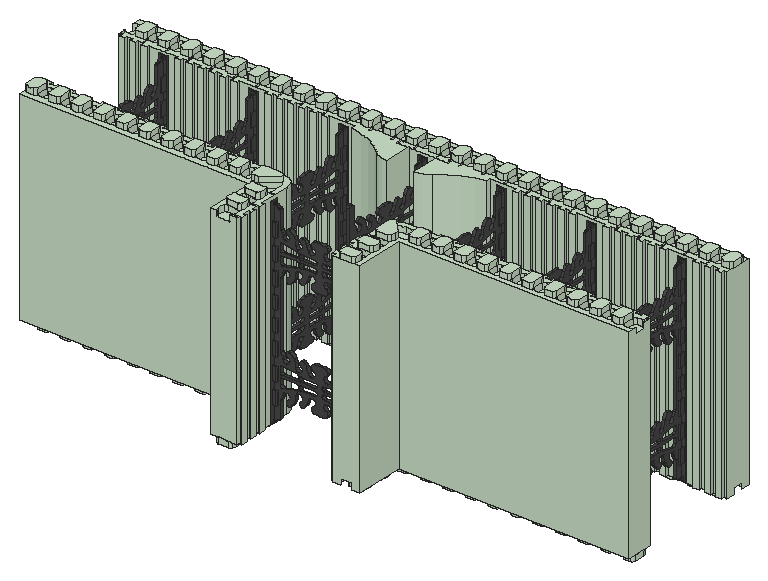
Revit family "ICF- NUDURA 8-inch- Short T Form Unit- Imperial", category Generic Models, Revit 2011
Reference planes (in)
  plane 1 "Center (Front/Back)": y = -1
  plane 2: z = 0
  plane 3 "Center (Left/Right)": x = 1
  plane 4: y = 3
  plane 5: y = -5
  plane 6: x = 5
  plane 7: x = -3
  plane 8: z = 18
Forms (in)
  Extrusion 1, solid, material "NUDURA Expanded Polystyrene Foam Insulation"
    sketch origin (0, 0, 0) x (1, 0, 0) y (0, 1, 0)
      loop
        arc (-3.25, -6.49998) -> (-3.61612, -5.6161) -> (-4.5, -5.24998) r 1.25
        line (-4.5, -5.24998) -> (-7.28117, -5.24998) -> (-7.21883, -4.99998) -> (-7.78117, -4.99998) -> (-7.71883, -5.24998) -> (-8.28117, -5.24998) -> (-8.21883, -4.99998) -> (-8.78117, -4.99998) -> (-8.71883, -5.24998) -> (-9.28117, -5.24998) -> (-9.21883, -4.99998) -> (-9.78117, -4.99998) -> (-9.71883, -5.24998) -> (-10.28117, -5.24998) -> (-10.21883, -4.99998) -> (-10.78117, -4.99998) -> (-10.71883, -5.24998) -> (-11.2818, -5.24998) -> (-11.21947, -4.99998) -> (-11.7818, -4.99998) -> (-11.71947, -5.24998) -> (-12.2818, -5.24998) -> (-12.21947, -4.99998) -> (-12.7818, -4.99998) -> (-12.71947, -5.24998) -> (-15.28116, -5.24998) -> (-15.21883, -4.99998) -> (-15.78116, -4.99998) -> (-15.71883, -5.24998) -> (-16.28116, -5.24998) -> (-16.21883, -4.99998) -> (-16.78116, -4.99998) -> (-16.71883, -5.24998) -> (-17.28116, -5.24998) -> (-17.21883, -4.99998) -> (-17.78116, -4.99998) -> (-17.71883, -5.24998) -> (-18.28179, -5.24998) -> (-18.21946, -4.99998) -> (-18.78179, -4.99998) -> (-18.71946, -5.24998) -> (-19.28179, -5.24998) -> (-19.21946, -4.99998) -> (-19.78179, -4.99998) -> (-19.71946, -5.24998) -> (-20.28179, -5.24998) -> (-20.21946, -4.99998) -> (-20.78179, -4.99998) -> (-20.71946, -5.24998) -> (-23.28115, -5.24998) -> (-23.21882, -4.99998) -> (-23.78115, -4.99998) -> (-23.71882, -5.24998) -> (-24.28115, -5.24998) -> (-24.21882, -4.99998) -> (-24.78115, -4.99998) -> (-24.71882, -5.24998) -> (-25.28115, -5.24998) -> (-25.21882, -4.99998) -> (-25.78115, -4.99998) -> (-25.71882, -5.24998) -> (-26, -5.24998) -> (-26, -7.62244) -> (-5.625, -7.62244) -> (-5.625, -11.99744) -> (-3.25, -11.99744) -> (-3.25, -11.71882) -> (-3, -11.78115) -> (-3, -11.21882) -> (-3.25, -11.28115) -> (-3.25, -10.71882) -> (-3, -10.78115) -> (-3, -10.21882) -> (-3.25, -10.28115) -> (-3.25, -9.71882) -> (-3, -9.78115) -> (-3, -9.21882) -> (-3.25, -9.28115) -> (-3.25, -6.49998)
      loop
        line (7, 2.875) -> (7, 3.25) -> (9.28117, 3.25) -> (9.21883, 3) -> (9.78117, 3) -> (9.71883, 3.25) -> (10.28117, 3.25) -> (10.21883, 3) -> (10.78117, 3) -> (10.71883, 3.25) -> (11.28117, 3.25) -> (11.21883, 3) -> (11.78117, 3) -> (11.71883, 3.25) -> (12.28053, 3.25) -> (12.2182, 3) -> (12.78053, 3) -> (12.7182, 3.25) -> (13.28053, 3.25) -> (13.2182, 3) -> (13.78053, 3) -> (13.7182, 3.25) -> (14.28053, 3.25) -> (14.2182, 3) -> (14.78053, 3) -> (14.7182, 3.25) -> (17.28116, 3.25) -> (17.21883, 3) -> (17.78116, 3) -> (17.71883, 3.25) -> (18.28116, 3.25) -> (18.21883, 3) -> (18.78116, 3) -> (18.71883, 3.25) -> (19.28116, 3.25) -> (19.21883, 3) -> (19.78116, 3) -> (19.71883, 3.25) -> (20.28053, 3.25) -> (20.21819, 3) -> (20.78053, 3) -> (20.71819, 3.25) -> (21.28053, 3.25) -> (21.21819, 3) -> (21.78053, 3) -> (21.71819, 3.25) -> (22.28053, 3.25) -> (22.21819, 3) -> (22.78053, 3) -> (22.71819, 3.25) -> (25.28115, 3.25) -> (25.21882, 3) -> (25.78115, 3) -> (25.71882, 3.25) -> (26.28115, 3.25) -> (26.21882, 3) -> (26.78115, 3) -> (26.71882, 3.25) -> (27.28115, 3.25) -> (27.21882, 3) -> (27.78115, 3) -> (27.71882, 3.25) -> (28, 3.25) -> (28, 5.62754) -> (3.25, 5.62754) -> (3.25, 5.17633) -> (3, 5.24332) -> (3, 4.63633) -> (3.25, 4.69867) -> (3.25, 4.17633) -> (3, 4.24332) -> (3, 3.63633) -> (3.25, 3.69867) -> (3.25, 3.25) -> (2.21883, 3.25) -> (2.21883, 0.75162)
        arc (2.21883, 0.75162) -> (2.91296, 0.90605) -> (3.50918, 1.29358) r 2
        arc (3.50918, 1.29358) -> (5.12304, 2.37468) -> (7, 2.875) r 5.91797
      loop
        line (-0.21883, 0.75162) -> (-0.21883, 3.25) -> (-1.25, 3.25) -> (-1.25, 3.69867) -> (-1, 3.63633) -> (-1, 4.24332) -> (-1.25, 4.17633) -> (-1.25, 4.69867) -> (-1, 4.63633) -> (-1, 5.24332) -> (-1.25, 5.17633) -> (-1.25, 5.62754) -> (-26, 5.62754) -> (-26, 3.25) -> (-25.71882, 3.25) -> (-25.78115, 3) -> (-25.21882, 3) -> (-25.28115, 3.25) -> (-24.71882, 3.25) -> (-24.78115, 3) -> (-24.21882, 3) -> (-24.28115, 3.25) -> (-23.71882, 3.25) -> (-23.78115, 3) -> (-23.21882, 3) -> (-23.28115, 3.25) -> (-20.71819, 3.25) -> (-20.78053, 3) -> (-20.21819, 3) -> (-20.28053, 3.25) -> (-19.71819, 3.25) -> (-19.78053, 3) -> (-19.21819, 3) -> (-19.28053, 3.25) -> (-18.71819, 3.25) -> (-18.78053, 3) -> (-18.21819, 3) -> (-18.28053, 3.25) -> (-17.71883, 3.25) -> (-17.78116, 3) -> (-17.21883, 3) -> (-17.28116, 3.25) -> (-16.71883, 3.25) -> (-16.78116, 3) -> (-16.21883, 3) -> (-16.28116, 3.25) -> (-15.71883, 3.25) -> (-15.78116, 3) -> (-15.21883, 3) -> (-15.28116, 3.25) -> (-12.7182, 3.25) -> (-12.78053, 3) -> (-12.2182, 3) -> (-12.28053, 3.25) -> (-11.7182, 3.25) -> (-11.78053, 3) -> (-11.2182, 3) -> (-11.28053, 3.25) -> (-10.7182, 3.25) -> (-10.78053, 3) -> (-10.2182, 3) -> (-10.28053, 3.25) -> (-9.71883, 3.25) -> (-9.78117, 3) -> (-9.21883, 3) -> (-9.28117, 3.25) -> (-8.71883, 3.25) -> (-8.78117, 3) -> (-8.21883, 3) -> (-8.28117, 3.25) -> (-7.71883, 3.25) -> (-7.78117, 3) -> (-7.21883, 3) -> (-7.28117, 3.25) -> (-5, 3.25) -> (-5, 2.875)
        arc (-5, 2.875) -> (-3.12304, 2.37468) -> (-1.50918, 1.29358) r 5.91797
        arc (-1.50918, 1.29358) -> (-0.91296, 0.90605) -> (-0.21883, 0.75162) r 2
      loop
        line (5.25, -6.49998) -> (5.25, -9.28115) -> (5, -9.21882) -> (5, -9.78115) -> (5.25, -9.71882) -> (5.25, -10.28115) -> (5, -10.21882) -> (5, -10.78115) -> (5.25, -10.71882) -> (5.25, -11.28115) -> (5, -11.21882) -> (5, -11.78115) -> (5.25, -11.71882) -> (5.25, -11.99998) -> (7.625, -11.99998) -> (7.625, -7.62244) -> (28, -7.62244) -> (28, -5.24998) -> (27.71882, -5.24998) -> (27.78115, -4.99998) -> (27.21882, -4.99998) -> (27.28115, -5.24998) -> (26.71882, -5.24998) -> (26.78115, -4.99998) -> (26.21882, -4.99998) -> (26.28115, -5.24998) -> (25.71882, -5.24998) -> (25.78115, -4.99998) -> (25.21882, -4.99998) -> (25.28115, -5.24998) -> (22.71946, -5.24998) -> (22.78179, -4.99998) -> (22.21946, -4.99998) -> (22.28179, -5.24998) -> (21.71946, -5.24998) -> (21.78179, -4.99998) -> (21.21946, -4.99998) -> (21.28179, -5.24998) -> (20.71946, -5.24998) -> (20.78179, -4.99998) -> (20.21946, -4.99998) -> (20.28179, -5.24998) -> (19.71883, -5.24998) -> (19.78116, -4.99998) -> (19.21883, -4.99998) -> (19.28116, -5.24998) -> (18.71883, -5.24998) -> (18.78116, -4.99998) -> (18.21883, -4.99998) -> (18.28116, -5.24998) -> (17.71883, -5.24998) -> (17.78116, -4.99998) -> (17.21883, -4.99998) -> (17.28116, -5.24998) -> (14.71947, -5.24998) -> (14.7818, -4.99998) -> (14.21947, -4.99998) -> (14.2818, -5.24998) -> (13.71947, -5.24998) -> (13.7818, -4.99998) -> (13.21947, -4.99998) -> (13.2818, -5.24998) -> (12.71947, -5.24998) -> (12.7818, -4.99998) -> (12.21947, -4.99998) -> (12.2818, -5.24998) -> (11.71883, -5.24998) -> (11.78117, -4.99998) -> (11.21883, -4.99998) -> (11.28117, -5.24998) -> (10.71883, -5.24998) -> (10.78117, -4.99998) -> (10.21883, -4.99998) -> (10.28117, -5.24998) -> (9.71883, -5.24998) -> (9.78117, -4.99998) -> (9.21883, -4.99998) -> (9.28117, -5.24998) -> (6.5, -5.24998)
        arc (6.5, -5.24998) -> (5.61612, -5.6161) -> (5.25, -6.49998) r 1.25
    from 0 to 18
  Extrusion 2, void
    sketch origin (0, 14, 0) x (1, 0, 0) y (0, 1, 0)
      loop
        arc (-5.13595, -25.17306) -> (-5.1875, -25.49998) -> (-5.13595, -25.8269) r 1.0625
        arc (-5.13595, -25.8269) -> (-5.0592, -25.94114) -> (-4.93362, -25.99744) r 0.25
        line (-4.93362, -25.99744) -> (-3.94138, -25.99744)
        arc (-3.94138, -25.99744) -> (-3.86932, -25.97564) -> (-3.80702, -25.93338) r 0.25
        arc (-3.80702, -25.93338) -> (-3.78736, -25.92104) -> (-3.76455, -25.91673) r 0.0625
        line (-3.76455, -25.91673) -> (-3.41845, -25.91673) -> (-3.41845, -25.7459) -> (-3.64005, -25.7459)
        arc (-3.64005, -25.7459) -> (-3.68771, -25.72383) -> (-3.70172, -25.67321) r 0.0625
        arc (-3.70172, -25.67321) -> (-3.69045, -25.4209) -> (-3.73905, -25.17306) r 1.0625
        arc (-3.73905, -25.17306) -> (-3.82983, -25.04783) -> (-3.97692, -24.99998) r 0.25
        line (-3.97692, -24.99998) -> (-4.89808, -24.99998)
        arc (-4.89808, -24.99998) -> (-5.04517, -25.04783) -> (-5.13595, -25.17306) r 0.25
    from 18 to 17.5
  Extrusion 3, void
    sketch origin (0, 16, 0) x (1, 0, 0) y (0, 1, 0)
      loop
        arc (-5.13595, -25.17306) -> (-5.1875, -25.49998) -> (-5.13595, -25.8269) r 1.0625
        arc (-5.13595, -25.8269) -> (-5.04517, -25.95213) -> (-4.89808, -25.99998) r 0.25
        line (-4.89808, -25.99998) -> (-3.97692, -25.99998)
        arc (-3.97692, -25.99998) -> (-3.88568, -25.98274) -> (-3.80702, -25.93338) r 0.25
        arc (-3.80702, -25.93338) -> (-3.78736, -25.92104) -> (-3.76455, -25.91673) r 0.0625
        line (-3.76455, -25.91673) -> (-3.41845, -25.91673) -> (-3.41845, -25.7459) -> (-3.64005, -25.7459)
        arc (-3.64005, -25.7459) -> (-3.68771, -25.72383) -> (-3.70172, -25.67321) r 0.0625
        arc (-3.70172, -25.67321) -> (-3.69045, -25.4209) -> (-3.73905, -25.17306) r 1.0625
        arc (-3.73905, -25.17306) -> (-3.82983, -25.04783) -> (-3.97692, -24.99998) r 0.25
        line (-3.97692, -24.99998) -> (-4.89808, -24.99998)
        arc (-4.89808, -24.99998) -> (-5.04517, -25.04783) -> (-5.13595, -25.17306) r 0.25
    from 18 to 17.5
  Extrusion 4, void
    sketch origin (0, -2, 0) x (1, 0, 0) y (0, 1, 0)
      loop
        line (-5.1875, -5.18748) -> (-5.1875, -5.49998)
        arc (-5.1875, -5.49998) -> (-5.17453, -5.66546) -> (-5.13595, -5.8269) r 1.0625
        arc (-5.13595, -5.8269) -> (-5.04517, -5.95213) -> (-4.89808, -5.99998) r 0.25
        line (-4.89808, -5.99998) -> (-3.97692, -5.99998)
        arc (-3.97692, -5.99998) -> (-3.88568, -5.98274) -> (-3.80702, -5.93338) r 0.25
        arc (-3.80702, -5.93338) -> (-3.78736, -5.92104) -> (-3.76455, -5.91673) r 0.0625
        line (-3.76455, -5.91673) -> (-3.41845, -5.91673) -> (-3.41845, -5.7459) -> (-3.64005, -5.7459)
        arc (-3.64005, -5.7459) -> (-3.68771, -5.72383) -> (-3.70172, -5.67321) r 0.0625
        arc (-3.70172, -5.67321) -> (-3.69106, -5.58689) -> (-3.6875, -5.49998) r 1.0625
        line (-3.6875, -5.49998) -> (-3.6875, -4.68748)
        arc (-3.6875, -4.68748) -> (-3.76362, -4.3048) -> (-3.98039, -3.98037) r 1
        line (-3.98039, -3.98037) -> (-5.1875, -5.18748)
    from 18 to 17.5
  Extrusion 5, void
    sketch origin (-31.99998, -1.99998, 0) x (0, 1, 0) y (-1, 0, 0)
      loop
        arc (-5.13595, -25.17306) -> (-5.1875, -25.49998) -> (-5.13595, -25.8269) r 1.0625
        arc (-5.13595, -25.8269) -> (-5.04517, -25.95213) -> (-4.89808, -25.99998) r 0.25
        line (-4.89808, -25.99998) -> (-3.97692, -25.99998)
        arc (-3.97692, -25.99998) -> (-3.88568, -25.98274) -> (-3.80702, -25.93338) r 0.25
        arc (-3.80702, -25.93338) -> (-3.78736, -25.92104) -> (-3.76455, -25.91673) r 0.0625
        line (-3.76455, -25.91673) -> (-3.41845, -25.91673) -> (-3.41845, -25.7459) -> (-3.64005, -25.7459)
        arc (-3.64005, -25.7459) -> (-3.68771, -25.72383) -> (-3.70172, -25.67321) r 0.0625
        arc (-3.70172, -25.67321) -> (-3.69045, -25.4209) -> (-3.73905, -25.17306) r 1.0625
        arc (-3.73905, -25.17306) -> (-3.82983, -25.04783) -> (-3.97692, -24.99998) r 0.25
        line (-3.97692, -24.99998) -> (-4.89808, -24.99998)
        arc (-4.89808, -24.99998) -> (-5.04517, -25.04783) -> (-5.13595, -25.17306) r 0.25
    from 18 to 17.5
  Extrusion 6, void
    sketch origin (-33.99998, -1.99998, 0) x (0, 1, 0) y (-1, 0, 0)
      loop
        arc (-5.13595, -25.17306) -> (-5.1875, -25.49998) -> (-5.13595, -25.8269) r 1.0625
        arc (-5.13595, -25.8269) -> (-5.04517, -25.95213) -> (-4.89808, -25.99998) r 0.25
        line (-4.89808, -25.99998) -> (-3.97692, -25.99998)
        arc (-3.97692, -25.99998) -> (-3.88568, -25.98274) -> (-3.80702, -25.93338) r 0.25
        arc (-3.80702, -25.93338) -> (-3.78736, -25.92104) -> (-3.76455, -25.91673) r 0.0625
        line (-3.76455, -25.91673) -> (-3.41845, -25.91673) -> (-3.41845, -25.7459) -> (-3.64005, -25.7459)
        arc (-3.64005, -25.7459) -> (-3.68771, -25.72383) -> (-3.70172, -25.67321) r 0.0625
        arc (-3.70172, -25.67321) -> (-3.69045, -25.4209) -> (-3.73905, -25.17306) r 1.0625
        arc (-3.73905, -25.17306) -> (-3.82983, -25.04783) -> (-3.97692, -24.99998) r 0.25
        line (-3.97692, -24.99998) -> (-4.89808, -24.99998)
        arc (-4.89808, -24.99998) -> (-5.04517, -25.04783) -> (-5.13595, -25.17306) r 0.25
    from 18 to 17.5
  Extrusion 7, void
    sketch origin (0, -35.99996, 0) x (1, 0, 0) y (0, 1, 0)
      loop
        arc (-5.13595, 25.17306) -> (-5.04517, 25.04783) -> (-4.89808, 24.99998) r 0.25
        line (-4.89808, 24.99998) -> (-3.97692, 24.99998)
        arc (-3.97692, 24.99998) -> (-3.82983, 25.04783) -> (-3.73905, 25.17306) r 0.25
        arc (-3.73905, 25.17306) -> (-3.69045, 25.4209) -> (-3.70172, 25.67321) r 1.0625
        arc (-3.70172, 25.67321) -> (-3.68771, 25.72383) -> (-3.64005, 25.7459) r 0.0625
        line (-3.64005, 25.7459) -> (-3.41845, 25.7459) -> (-3.41845, 25.91673) -> (-3.76455, 25.91673)
        arc (-3.76455, 25.91673) -> (-3.78736, 25.92104) -> (-3.80702, 25.93338) r 0.0625
        arc (-3.80702, 25.93338) -> (-3.88568, 25.98274) -> (-3.97692, 25.99998) r 0.25
        line (-3.97692, 25.99998) -> (-4.89808, 25.99998)
        arc (-4.89808, 25.99998) -> (-5.04517, 25.95213) -> (-5.13595, 25.8269) r 0.25
        arc (-5.13595, 25.8269) -> (-5.1875, 25.49998) -> (-5.13595, 25.17306) r 1.0625
    from 0 to 0.5
  Extrusion 8, void
    sketch origin (0, -33.99996, 0) x (1, 0, 0) y (0, 1, 0)
      loop
        arc (-5.13595, 25.17306) -> (-5.04517, 25.04783) -> (-4.89808, 24.99998) r 0.25
        line (-4.89808, 24.99998) -> (-3.97692, 24.99998)
        arc (-3.97692, 24.99998) -> (-3.82983, 25.04783) -> (-3.73905, 25.17306) r 0.25
        arc (-3.73905, 25.17306) -> (-3.69045, 25.4209) -> (-3.70172, 25.67321) r 1.0625
        arc (-3.70172, 25.67321) -> (-3.68771, 25.72383) -> (-3.64005, 25.7459) r 0.0625
        line (-3.64005, 25.7459) -> (-3.41845, 25.7459) -> (-3.41845, 25.91673) -> (-3.76455, 25.91673)
        arc (-3.76455, 25.91673) -> (-3.78736, 25.92104) -> (-3.80702, 25.93338) r 0.0625
        arc (-3.80702, 25.93338) -> (-3.88568, 25.98274) -> (-3.97692, 25.99998) r 0.25
        line (-3.97692, 25.99998) -> (-4.89808, 25.99998)
        arc (-4.89808, 25.99998) -> (-5.04517, 25.95213) -> (-5.13595, 25.8269) r 0.25
        arc (-5.13595, 25.8269) -> (-5.1875, 25.49998) -> (-5.13595, 25.17306) r 1.0625
    from 0 to 0.5
  Extrusion 9, void
    sketch origin (-0.00002, -1.99998, 0) x (0, 1, 0) y (-1, 0, 0)
      loop
        line (-5.1875, 5.18748) -> (-3.98039, 3.98037)
        arc (-3.98039, 3.98037) -> (-3.76362, 4.3048) -> (-3.6875, 4.68748) r 1
        line (-3.6875, 4.68748) -> (-3.6875, 5.49998)
        arc (-3.6875, 5.49998) -> (-3.69106, 5.58689) -> (-3.70172, 5.67321) r 1.0625
        arc (-3.70172, 5.67321) -> (-3.68771, 5.72383) -> (-3.64005, 5.7459) r 0.0625
        line (-3.64005, 5.7459) -> (-3.41845, 5.7459) -> (-3.41845, 5.91673) -> (-3.76455, 5.91673)
        arc (-3.76455, 5.91673) -> (-3.78736, 5.92104) -> (-3.80702, 5.93338) r 0.0625
        arc (-3.80702, 5.93338) -> (-3.88568, 5.98274) -> (-3.97692, 5.99998) r 0.25
        line (-3.97692, 5.99998) -> (-4.89808, 5.99998)
        arc (-4.89808, 5.99998) -> (-5.04517, 5.95213) -> (-5.13595, 5.8269) r 0.25
        arc (-5.13595, 5.8269) -> (-5.17453, 5.66546) -> (-5.1875, 5.49998) r 1.0625
        line (-5.1875, 5.49998) -> (-5.1875, 5.18748)
    from 0 to 0.5
  Extrusion 10, void
    sketch origin (17.99998, -1.99998, 0) x (0, 1, 0) y (-1, 0, 0)
      loop
        arc (-5.13595, 25.17306) -> (-5.04517, 25.04783) -> (-4.89808, 24.99998) r 0.25
        line (-4.89808, 24.99998) -> (-3.97692, 24.99998)
        arc (-3.97692, 24.99998) -> (-3.82983, 25.04783) -> (-3.73905, 25.17306) r 0.25
        arc (-3.73905, 25.17306) -> (-3.69045, 25.4209) -> (-3.70172, 25.67321) r 1.0625
        arc (-3.70172, 25.67321) -> (-3.68771, 25.72383) -> (-3.64005, 25.7459) r 0.0625
        line (-3.64005, 25.7459) -> (-3.41845, 25.7459) -> (-3.41845, 25.91673) -> (-3.76455, 25.91673)
        arc (-3.76455, 25.91673) -> (-3.78736, 25.92104) -> (-3.80702, 25.93338) r 0.0625
        arc (-3.80702, 25.93338) -> (-3.88568, 25.98274) -> (-3.97692, 25.99998) r 0.25
        line (-3.97692, 25.99998) -> (-4.89808, 25.99998)
        arc (-4.89808, 25.99998) -> (-5.04517, 25.95213) -> (-5.13595, 25.8269) r 0.25
        arc (-5.13595, 25.8269) -> (-5.1875, 25.49998) -> (-5.13595, 25.17306) r 1.0625
    from 0 to 0.5
  Extrusion 11, void
    sketch origin (15.99998, -1.99998, 0) x (0, 1, 0) y (-1, 0, 0)
      loop
        arc (-5.13595, 25.17306) -> (-5.04517, 25.04783) -> (-4.89808, 24.99998) r 0.25
        line (-4.89808, 24.99998) -> (-3.97692, 24.99998)
        arc (-3.97692, 24.99998) -> (-3.82983, 25.04783) -> (-3.73905, 25.17306) r 0.25
        arc (-3.73905, 25.17306) -> (-3.69045, 25.4209) -> (-3.70172, 25.67321) r 1.0625
        arc (-3.70172, 25.67321) -> (-3.68771, 25.72383) -> (-3.64005, 25.7459) r 0.0625
        line (-3.64005, 25.7459) -> (-3.41845, 25.7459) -> (-3.41845, 25.91673) -> (-3.76455, 25.91673)
        arc (-3.76455, 25.91673) -> (-3.78736, 25.92104) -> (-3.80702, 25.93338) r 0.0625
        arc (-3.80702, 25.93338) -> (-3.88568, 25.98274) -> (-3.97692, 25.99998) r 0.25
        line (-3.97692, 25.99998) -> (-4.89808, 25.99998)
        arc (-4.89808, 25.99998) -> (-5.04517, 25.95213) -> (-5.13595, 25.8269) r 0.25
        arc (-5.13595, 25.8269) -> (-5.1875, 25.49998) -> (-5.13595, 25.17306) r 1.0625
    from 0 to 0.5
  Extrusion 12, void
    sketch origin (2, -35.99996, 0) x (-1, 0, 0) y (0, -1, 0)
      loop
        arc (-5.13595, -25.17306) -> (-5.1875, -25.49998) -> (-5.13595, -25.8269) r 1.0625
        arc (-5.13595, -25.8269) -> (-5.04517, -25.95213) -> (-4.89808, -25.99998) r 0.25
        line (-4.89808, -25.99998) -> (-3.97692, -25.99998)
        arc (-3.97692, -25.99998) -> (-3.88568, -25.98274) -> (-3.80702, -25.93338) r 0.25
        arc (-3.80702, -25.93338) -> (-3.78736, -25.92104) -> (-3.76455, -25.91673) r 0.0625
        line (-3.76455, -25.91673) -> (-3.41845, -25.91673) -> (-3.41845, -25.7459) -> (-3.64005, -25.7459)
        arc (-3.64005, -25.7459) -> (-3.68771, -25.72383) -> (-3.70172, -25.67321) r 0.0625
        arc (-3.70172, -25.67321) -> (-3.69045, -25.4209) -> (-3.73905, -25.17306) r 1.0625
        arc (-3.73905, -25.17306) -> (-3.82983, -25.04783) -> (-3.97692, -24.99998) r 0.25
        line (-3.97692, -24.99998) -> (-4.89808, -24.99998)
        arc (-4.89808, -24.99998) -> (-5.04517, -25.04783) -> (-5.13595, -25.17306) r 0.25
    from 18 to 17.5
  Extrusion 13, void
    sketch origin (2, -33.99996, 0) x (-1, 0, 0) y (0, -1, 0)
      loop
        arc (-5.13595, -25.17306) -> (-5.1875, -25.49998) -> (-5.13595, -25.8269) r 1.0625
        arc (-5.13595, -25.8269) -> (-5.04517, -25.95213) -> (-4.89808, -25.99998) r 0.25
        line (-4.89808, -25.99998) -> (-3.97692, -25.99998)
        arc (-3.97692, -25.99998) -> (-3.88568, -25.98274) -> (-3.80702, -25.93338) r 0.25
        arc (-3.80702, -25.93338) -> (-3.78736, -25.92104) -> (-3.76455, -25.91673) r 0.0625
        line (-3.76455, -25.91673) -> (-3.41845, -25.91673) -> (-3.41845, -25.7459) -> (-3.64005, -25.7459)
        arc (-3.64005, -25.7459) -> (-3.68771, -25.72383) -> (-3.70172, -25.67321) r 0.0625
        arc (-3.70172, -25.67321) -> (-3.69045, -25.4209) -> (-3.73905, -25.17306) r 1.0625
        arc (-3.73905, -25.17306) -> (-3.82983, -25.04783) -> (-3.97692, -24.99998) r 0.25
        line (-3.97692, -24.99998) -> (-4.89808, -24.99998)
        arc (-4.89808, -24.99998) -> (-5.04517, -25.04783) -> (-5.13595, -25.17306) r 0.25
    from 18 to 17.5
  Extrusion 14, void
    sketch origin (-15.99998, -1.99998, 0) x (0, 1, 0) y (-1, 0, 0)
      loop
        arc (-5.13595, -25.17306) -> (-5.1875, -25.49998) -> (-5.13595, -25.8269) r 1.0625
        arc (-5.13595, -25.8269) -> (-5.04517, -25.95213) -> (-4.89808, -25.99998) r 0.25
        line (-4.89808, -25.99998) -> (-3.97692, -25.99998)
        arc (-3.97692, -25.99998) -> (-3.88568, -25.98274) -> (-3.80702, -25.93338) r 0.25
        arc (-3.80702, -25.93338) -> (-3.78736, -25.92104) -> (-3.76455, -25.91673) r 0.0625
        line (-3.76455, -25.91673) -> (-3.41845, -25.91673) -> (-3.41845, -25.7459) -> (-3.64005, -25.7459)
        arc (-3.64005, -25.7459) -> (-3.68771, -25.72383) -> (-3.70172, -25.67321) r 0.0625
        arc (-3.70172, -25.67321) -> (-3.69045, -25.4209) -> (-3.73905, -25.17306) r 1.0625
        arc (-3.73905, -25.17306) -> (-3.82983, -25.04783) -> (-3.97692, -24.99998) r 0.25
        line (-3.97692, -24.99998) -> (-4.89808, -24.99998)
        arc (-4.89808, -24.99998) -> (-5.04517, -25.04783) -> (-5.13595, -25.17306) r 0.25
    from 18 to 17.5
  Extrusion 15, void
    sketch origin (-13.99998, -1.99998, 0) x (0, 1, 0) y (-1, 0, 0)
      loop
        arc (-5.13595, -25.17306) -> (-5.1875, -25.49998) -> (-5.13595, -25.8269) r 1.0625
        arc (-5.13595, -25.8269) -> (-5.04517, -25.95213) -> (-4.89808, -25.99998) r 0.25
        line (-4.89808, -25.99998) -> (-3.97692, -25.99998)
        arc (-3.97692, -25.99998) -> (-3.88568, -25.98274) -> (-3.80702, -25.93338) r 0.25
        arc (-3.80702, -25.93338) -> (-3.78736, -25.92104) -> (-3.76455, -25.91673) r 0.0625
        line (-3.76455, -25.91673) -> (-3.41845, -25.91673) -> (-3.41845, -25.7459) -> (-3.64005, -25.7459)
        arc (-3.64005, -25.7459) -> (-3.68771, -25.72383) -> (-3.70172, -25.67321) r 0.0625
        arc (-3.70172, -25.67321) -> (-3.69045, -25.4209) -> (-3.73905, -25.17306) r 1.0625
        arc (-3.73905, -25.17306) -> (-3.82983, -25.04783) -> (-3.97692, -24.99998) r 0.25
        line (-3.97692, -24.99998) -> (-4.89808, -24.99998)
        arc (-4.89808, -24.99998) -> (-5.04517, -25.04783) -> (-5.13595, -25.17306) r 0.25
    from 18 to 17.5
  Extrusion 16, void
    sketch origin (2, -2, 0) x (1, 0, 0) y (0, 1, 0)
      loop
        arc (5.67323, -3.7017) -> (5.58691, -3.69104) -> (5.5, -3.68748) r 1.0625
        line (5.5, -3.68748) -> (4.6875, -3.68748)
        arc (4.6875, -3.68748) -> (4.30482, -3.7636) -> (3.98039, -3.98037) r 1
        line (3.98039, -3.98037) -> (5.1875, -5.18748) -> (5.5, -5.18748)
        arc (5.5, -5.18748) -> (5.66548, -5.17452) -> (5.82692, -5.13593) r 1.0625
        arc (5.82692, -5.13593) -> (5.95215, -5.04515) -> (6, -4.89806) r 0.25
        line (6, -4.89806) -> (6, -3.9769)
        arc (6, -3.9769) -> (5.98276, -3.88566) -> (5.9334, -3.807) r 0.25
        arc (5.9334, -3.807) -> (5.92106, -3.78734) -> (5.91675, -3.76453) r 0.0625
        line (5.91675, -3.76453) -> (5.91675, -3.41844) -> (5.74592, -3.41844) -> (5.74592, -3.64003)
        arc (5.74592, -3.64003) -> (5.72385, -3.68769) -> (5.67323, -3.7017) r 0.0625
    from 18 to 17.5
  Extrusion 17, void
    sketch origin (2, 14, 0) x (-1, 0, 0) y (0, -1, 0)
      loop
        arc (-5.13595, 25.17306) -> (-5.04517, 25.04783) -> (-4.89808, 24.99998) r 0.25
        line (-4.89808, 24.99998) -> (-3.97692, 24.99998)
        arc (-3.97692, 24.99998) -> (-3.82983, 25.04783) -> (-3.73905, 25.17306) r 0.25
        arc (-3.73905, 25.17306) -> (-3.69045, 25.4209) -> (-3.70172, 25.67321) r 1.0625
        arc (-3.70172, 25.67321) -> (-3.68771, 25.72383) -> (-3.64005, 25.7459) r 0.0625
        line (-3.64005, 25.7459) -> (-3.41845, 25.7459) -> (-3.41845, 25.91673) -> (-3.76455, 25.91673)
        arc (-3.76455, 25.91673) -> (-3.78736, 25.92104) -> (-3.80702, 25.93338) r 0.0625
        arc (-3.80702, 25.93338) -> (-3.88568, 25.98274) -> (-3.97692, 25.99998) r 0.25
        line (-3.97692, 25.99998) -> (-4.89808, 25.99998)
        arc (-4.89808, 25.99998) -> (-5.04517, 25.95213) -> (-5.13595, 25.8269) r 0.25
        arc (-5.13595, 25.8269) -> (-5.1875, 25.49998) -> (-5.13595, 25.17306) r 1.0625
    from 0 to 0.5
  Extrusion 18, void
    sketch origin (2, 16, 0) x (-1, 0, 0) y (0, -1, 0)
      loop
        arc (-5.13595, 25.17306) -> (-5.04517, 25.04783) -> (-4.89808, 24.99998) r 0.25
        line (-4.89808, 24.99998) -> (-3.97692, 24.99998)
        arc (-3.97692, 24.99998) -> (-3.82983, 25.04783) -> (-3.73905, 25.17306) r 0.25
        arc (-3.73905, 25.17306) -> (-3.69045, 25.4209) -> (-3.70172, 25.67321) r 1.0625
        arc (-3.70172, 25.67321) -> (-3.68771, 25.72383) -> (-3.64005, 25.7459) r 0.0625
        line (-3.64005, 25.7459) -> (-3.41845, 25.7459) -> (-3.41845, 25.91673) -> (-3.76455, 25.91673)
        arc (-3.76455, 25.91673) -> (-3.78736, 25.92104) -> (-3.80702, 25.93338) r 0.0625
        arc (-3.80702, 25.93338) -> (-3.88568, 25.98274) -> (-3.97692, 25.99998) r 0.25
        line (-3.97692, 25.99998) -> (-4.89808, 25.99998)
        arc (-4.89808, 25.99998) -> (-5.04517, 25.95213) -> (-5.13595, 25.8269) r 0.25
        arc (-5.13595, 25.8269) -> (-5.1875, 25.49998) -> (-5.13595, 25.17306) r 1.0625
    from 0 to 0.5
  Extrusion 19, void
    sketch origin (2.00002, -1.99998, 0) x (0, -1, 0) y (1, 0, 0)
      loop
        arc (5.67323, 3.7017) -> (5.72385, 3.68769) -> (5.74592, 3.64003) r 0.0625
        line (5.74592, 3.64003) -> (5.74592, 3.41844) -> (5.91675, 3.41844) -> (5.91675, 3.76453)
        arc (5.91675, 3.76453) -> (5.92106, 3.78734) -> (5.9334, 3.807) r 0.0625
        arc (5.9334, 3.807) -> (5.98276, 3.88566) -> (6, 3.9769) r 0.25
        line (6, 3.9769) -> (6, 4.89806)
        arc (6, 4.89806) -> (5.95215, 5.04515) -> (5.82692, 5.13593) r 0.25
        arc (5.82692, 5.13593) -> (5.66548, 5.17452) -> (5.5, 5.18748) r 1.0625
        line (5.5, 5.18748) -> (5.1875, 5.18748) -> (3.98039, 3.98037)
        arc (3.98039, 3.98037) -> (4.30482, 3.7636) -> (4.6875, 3.68748) r 1
        line (4.6875, 3.68748) -> (5.5, 3.68748)
        arc (5.5, 3.68748) -> (5.58691, 3.69104) -> (5.67323, 3.7017) r 1.0625
    from 0 to 0.5
  Extrusion 20, void
    sketch origin (33.99998, -1.99998, 0) x (0, 1, 0) y (-1, 0, 0)
      loop
        arc (-5.13595, 25.17306) -> (-5.04517, 25.04783) -> (-4.89808, 24.99998) r 0.25
        line (-4.89808, 24.99998) -> (-3.97692, 24.99998)
        arc (-3.97692, 24.99998) -> (-3.82983, 25.04783) -> (-3.73905, 25.17306) r 0.25
        arc (-3.73905, 25.17306) -> (-3.69045, 25.4209) -> (-3.70172, 25.67321) r 1.0625
        arc (-3.70172, 25.67321) -> (-3.68771, 25.72383) -> (-3.64005, 25.7459) r 0.0625
        line (-3.64005, 25.7459) -> (-3.41845, 25.7459) -> (-3.41845, 25.91673) -> (-3.76455, 25.91673)
        arc (-3.76455, 25.91673) -> (-3.78736, 25.92104) -> (-3.80702, 25.93338) r 0.0625
        arc (-3.80702, 25.93338) -> (-3.88568, 25.98274) -> (-3.97692, 25.99998) r 0.25
        line (-3.97692, 25.99998) -> (-4.89808, 25.99998)
        arc (-4.89808, 25.99998) -> (-5.04517, 25.95213) -> (-5.13595, 25.8269) r 0.25
        arc (-5.13595, 25.8269) -> (-5.1875, 25.49998) -> (-5.13595, 25.17306) r 1.0625
    from 0 to 0.5
  Extrusion 21, void
    sketch origin (35.99998, -1.99998, 0) x (0, 1, 0) y (-1, 0, 0)
      loop
        arc (-5.13595, 25.17306) -> (-5.04517, 25.04783) -> (-4.89808, 24.99998) r 0.25
        line (-4.89808, 24.99998) -> (-3.97692, 24.99998)
        arc (-3.97692, 24.99998) -> (-3.82983, 25.04783) -> (-3.73905, 25.17306) r 0.25
        arc (-3.73905, 25.17306) -> (-3.69045, 25.4209) -> (-3.70172, 25.67321) r 1.0625
        arc (-3.70172, 25.67321) -> (-3.68771, 25.72383) -> (-3.64005, 25.7459) r 0.0625
        line (-3.64005, 25.7459) -> (-3.41845, 25.7459) -> (-3.41845, 25.91673) -> (-3.76455, 25.91673)
        arc (-3.76455, 25.91673) -> (-3.78736, 25.92104) -> (-3.80702, 25.93338) r 0.0625
        arc (-3.80702, 25.93338) -> (-3.88568, 25.98274) -> (-3.97692, 25.99998) r 0.25
        line (-3.97692, 25.99998) -> (-4.89808, 25.99998)
        arc (-4.89808, 25.99998) -> (-5.04517, 25.95213) -> (-5.13595, 25.8269) r 0.25
        arc (-5.13595, 25.8269) -> (-5.1875, 25.49998) -> (-5.13595, 25.17306) r 1.0625
    from 0 to 0.5
  Extrusion 22, void
    sketch origin (15.99998, -0.00002, 0) x (0, -1, 0) y (1, 0, 0)
      loop
        arc (-5.13595, -25.17306) -> (-5.1875, -25.49998) -> (-5.13595, -25.8269) r 1.0625
        arc (-5.13595, -25.8269) -> (-5.04517, -25.95213) -> (-4.89808, -25.99998) r 0.25
        line (-4.89808, -25.99998) -> (-3.97692, -25.99998)
        arc (-3.97692, -25.99998) -> (-3.88568, -25.98274) -> (-3.80702, -25.93338) r 0.25
        arc (-3.80702, -25.93338) -> (-3.78736, -25.92104) -> (-3.76455, -25.91673) r 0.0625
        line (-3.76455, -25.91673) -> (-3.41845, -25.91673) -> (-3.41845, -25.7459) -> (-3.64005, -25.7459)
        arc (-3.64005, -25.7459) -> (-3.68771, -25.72383) -> (-3.70172, -25.67321) r 0.0625
        arc (-3.70172, -25.67321) -> (-3.69045, -25.4209) -> (-3.73905, -25.17306) r 1.0625
        arc (-3.73905, -25.17306) -> (-3.82983, -25.04783) -> (-3.97692, -24.99998) r 0.25
        line (-3.97692, -24.99998) -> (-4.89808, -24.99998)
        arc (-4.89808, -24.99998) -> (-5.04517, -25.04783) -> (-5.13595, -25.17306) r 0.25
    from 18 to 17.5
  Extrusion 23, void
    sketch origin (17.99998, -0.00002, 0) x (0, -1, 0) y (1, 0, 0)
      loop
        arc (-5.13595, -25.17306) -> (-5.1875, -25.49998) -> (-5.13595, -25.8269) r 1.0625
        arc (-5.13595, -25.8269) -> (-5.04517, -25.95213) -> (-4.89808, -25.99998) r 0.25
        line (-4.89808, -25.99998) -> (-3.97692, -25.99998)
        arc (-3.97692, -25.99998) -> (-3.88568, -25.98274) -> (-3.80702, -25.93338) r 0.25
        arc (-3.80702, -25.93338) -> (-3.78736, -25.92104) -> (-3.76455, -25.91673) r 0.0625
        line (-3.76455, -25.91673) -> (-3.41845, -25.91673) -> (-3.41845, -25.7459) -> (-3.64005, -25.7459)
        arc (-3.64005, -25.7459) -> (-3.68771, -25.72383) -> (-3.70172, -25.67321) r 0.0625
        arc (-3.70172, -25.67321) -> (-3.69045, -25.4209) -> (-3.73905, -25.17306) r 1.0625
        arc (-3.73905, -25.17306) -> (-3.82983, -25.04783) -> (-3.97692, -24.99998) r 0.25
        line (-3.97692, -24.99998) -> (-4.89808, -24.99998)
        arc (-4.89808, -24.99998) -> (-5.04517, -25.04783) -> (-5.13595, -25.17306) r 0.25
    from 18 to 17.5
  Extrusion 24, void
    sketch origin (19.99998, -0.00002, 0) x (0, -1, 0) y (1, 0, 0)
      loop
        arc (-5.13595, -25.17306) -> (-5.1875, -25.49998) -> (-5.13595, -25.8269) r 1.0625
        arc (-5.13595, -25.8269) -> (-5.04517, -25.95213) -> (-4.89808, -25.99998) r 0.25
        line (-4.89808, -25.99998) -> (-3.97692, -25.99998)
        arc (-3.97692, -25.99998) -> (-3.88568, -25.98274) -> (-3.80702, -25.93338) r 0.25
        arc (-3.80702, -25.93338) -> (-3.78736, -25.92104) -> (-3.76455, -25.91673) r 0.0625
        line (-3.76455, -25.91673) -> (-3.41845, -25.91673) -> (-3.41845, -25.7459) -> (-3.64005, -25.7459)
        arc (-3.64005, -25.7459) -> (-3.68771, -25.72383) -> (-3.70172, -25.67321) r 0.0625
        arc (-3.70172, -25.67321) -> (-3.69045, -25.4209) -> (-3.73905, -25.17306) r 1.0625
        arc (-3.73905, -25.17306) -> (-3.82983, -25.04783) -> (-3.97692, -24.99998) r 0.25
        line (-3.97692, -24.99998) -> (-4.89808, -24.99998)
        arc (-4.89808, -24.99998) -> (-5.04517, -25.04783) -> (-5.13595, -25.17306) r 0.25
    from 18 to 17.5
  Extrusion 25, void
    sketch origin (21.99998, -0.00002, 0) x (0, -1, 0) y (1, 0, 0)
      loop
        arc (-5.13595, -25.17306) -> (-5.1875, -25.49998) -> (-5.13595, -25.8269) r 1.0625
        arc (-5.13595, -25.8269) -> (-5.04517, -25.95213) -> (-4.89808, -25.99998) r 0.25
        line (-4.89808, -25.99998) -> (-3.97692, -25.99998)
        arc (-3.97692, -25.99998) -> (-3.88568, -25.98274) -> (-3.80702, -25.93338) r 0.25
        arc (-3.80702, -25.93338) -> (-3.78736, -25.92104) -> (-3.76455, -25.91673) r 0.0625
        line (-3.76455, -25.91673) -> (-3.41845, -25.91673) -> (-3.41845, -25.7459) -> (-3.64005, -25.7459)
        arc (-3.64005, -25.7459) -> (-3.68771, -25.72383) -> (-3.70172, -25.67321) r 0.0625
        arc (-3.70172, -25.67321) -> (-3.69045, -25.4209) -> (-3.73905, -25.17306) r 1.0625
        arc (-3.73905, -25.17306) -> (-3.82983, -25.04783) -> (-3.97692, -24.99998) r 0.25
        line (-3.97692, -24.99998) -> (-4.89808, -24.99998)
        arc (-4.89808, -24.99998) -> (-5.04517, -25.04783) -> (-5.13595, -25.17306) r 0.25
    from 18 to 17.5
  Extrusion 26, void
    sketch origin (23.99998, -0.00002, 0) x (0, -1, 0) y (1, 0, 0)
      loop
        arc (-5.13595, -25.17306) -> (-5.1875, -25.49998) -> (-5.13595, -25.8269) r 1.0625
        arc (-5.13595, -25.8269) -> (-5.04517, -25.95213) -> (-4.89808, -25.99998) r 0.25
        line (-4.89808, -25.99998) -> (-3.97692, -25.99998)
        arc (-3.97692, -25.99998) -> (-3.88568, -25.98274) -> (-3.80702, -25.93338) r 0.25
        arc (-3.80702, -25.93338) -> (-3.78736, -25.92104) -> (-3.76455, -25.91673) r 0.0625
        line (-3.76455, -25.91673) -> (-3.41845, -25.91673) -> (-3.41845, -25.7459) -> (-3.64005, -25.7459)
        arc (-3.64005, -25.7459) -> (-3.68771, -25.72383) -> (-3.70172, -25.67321) r 0.0625
        arc (-3.70172, -25.67321) -> (-3.69045, -25.4209) -> (-3.73905, -25.17306) r 1.0625
        arc (-3.73905, -25.17306) -> (-3.82983, -25.04783) -> (-3.97692, -24.99998) r 0.25
        line (-3.97692, -24.99998) -> (-4.89808, -24.99998)
        arc (-4.89808, -24.99998) -> (-5.04517, -25.04783) -> (-5.13595, -25.17306) r 0.25
    from 18 to 17.5
  Extrusion 27, void
    sketch origin (25.99998, -0.00002, 0) x (0, -1, 0) y (1, 0, 0)
      loop
        arc (-5.13595, -25.17306) -> (-5.1875, -25.49998) -> (-5.13595, -25.8269) r 1.0625
        arc (-5.13595, -25.8269) -> (-5.04517, -25.95213) -> (-4.89808, -25.99998) r 0.25
        line (-4.89808, -25.99998) -> (-3.97692, -25.99998)
        arc (-3.97692, -25.99998) -> (-3.88568, -25.98274) -> (-3.80702, -25.93338) r 0.25
        arc (-3.80702, -25.93338) -> (-3.78736, -25.92104) -> (-3.76455, -25.91673) r 0.0625
        line (-3.76455, -25.91673) -> (-3.41845, -25.91673) -> (-3.41845, -25.7459) -> (-3.64005, -25.7459)
        arc (-3.64005, -25.7459) -> (-3.68771, -25.72383) -> (-3.70172, -25.67321) r 0.0625
        arc (-3.70172, -25.67321) -> (-3.69045, -25.4209) -> (-3.73905, -25.17306) r 1.0625
        arc (-3.73905, -25.17306) -> (-3.82983, -25.04783) -> (-3.97692, -24.99998) r 0.25
        line (-3.97692, -24.99998) -> (-4.89808, -24.99998)
        arc (-4.89808, -24.99998) -> (-5.04517, -25.04783) -> (-5.13595, -25.17306) r 0.25
    from 18 to 17.5
  Extrusion 28, void
    sketch origin (27.99998, -0.00002, 0) x (0, -1, 0) y (1, 0, 0)
      loop
        arc (-5.13595, -25.17306) -> (-5.1875, -25.49998) -> (-5.13595, -25.8269) r 1.0625
        arc (-5.13595, -25.8269) -> (-5.04517, -25.95213) -> (-4.89808, -25.99998) r 0.25
        line (-4.89808, -25.99998) -> (-3.97692, -25.99998)
        arc (-3.97692, -25.99998) -> (-3.88568, -25.98274) -> (-3.80702, -25.93338) r 0.25
        arc (-3.80702, -25.93338) -> (-3.78736, -25.92104) -> (-3.76455, -25.91673) r 0.0625
        line (-3.76455, -25.91673) -> (-3.41845, -25.91673) -> (-3.41845, -25.7459) -> (-3.64005, -25.7459)
        arc (-3.64005, -25.7459) -> (-3.68771, -25.72383) -> (-3.70172, -25.67321) r 0.0625
        arc (-3.70172, -25.67321) -> (-3.69045, -25.4209) -> (-3.73905, -25.17306) r 1.0625
        arc (-3.73905, -25.17306) -> (-3.82983, -25.04783) -> (-3.97692, -24.99998) r 0.25
        line (-3.97692, -24.99998) -> (-4.89808, -24.99998)
        arc (-4.89808, -24.99998) -> (-5.04517, -25.04783) -> (-5.13595, -25.17306) r 0.25
    from 18 to 17.5
  Extrusion 29, void
    sketch origin (29.99998, -0.00002, 0) x (0, -1, 0) y (1, 0, 0)
      loop
        arc (-5.13595, -25.17306) -> (-5.1875, -25.49998) -> (-5.13595, -25.8269) r 1.0625
        arc (-5.13595, -25.8269) -> (-5.04517, -25.95213) -> (-4.89808, -25.99998) r 0.25
        line (-4.89808, -25.99998) -> (-3.97692, -25.99998)
        arc (-3.97692, -25.99998) -> (-3.88568, -25.98274) -> (-3.80702, -25.93338) r 0.25
        arc (-3.80702, -25.93338) -> (-3.78736, -25.92104) -> (-3.76455, -25.91673) r 0.0625
        line (-3.76455, -25.91673) -> (-3.41845, -25.91673) -> (-3.41845, -25.7459) -> (-3.64005, -25.7459)
        arc (-3.64005, -25.7459) -> (-3.68771, -25.72383) -> (-3.70172, -25.67321) r 0.0625
        arc (-3.70172, -25.67321) -> (-3.69045, -25.4209) -> (-3.73905, -25.17306) r 1.0625
        arc (-3.73905, -25.17306) -> (-3.82983, -25.04783) -> (-3.97692, -24.99998) r 0.25
        line (-3.97692, -24.99998) -> (-4.89808, -24.99998)
        arc (-4.89808, -24.99998) -> (-5.04517, -25.04783) -> (-5.13595, -25.17306) r 0.25
    from 18 to 17.5
  Extrusion 30, void
    sketch origin (31.99998, -0.00002, 0) x (0, -1, 0) y (1, 0, 0)
      loop
        arc (-5.13595, -25.17306) -> (-5.1875, -25.49998) -> (-5.13595, -25.8269) r 1.0625
        arc (-5.13595, -25.8269) -> (-5.04517, -25.95213) -> (-4.89808, -25.99998) r 0.25
        line (-4.89808, -25.99998) -> (-3.97692, -25.99998)
        arc (-3.97692, -25.99998) -> (-3.88568, -25.98274) -> (-3.80702, -25.93338) r 0.25
        arc (-3.80702, -25.93338) -> (-3.78736, -25.92104) -> (-3.76455, -25.91673) r 0.0625
        line (-3.76455, -25.91673) -> (-3.41845, -25.91673) -> (-3.41845, -25.7459) -> (-3.64005, -25.7459)
        arc (-3.64005, -25.7459) -> (-3.68771, -25.72383) -> (-3.70172, -25.67321) r 0.0625
        arc (-3.70172, -25.67321) -> (-3.69045, -25.4209) -> (-3.73905, -25.17306) r 1.0625
        arc (-3.73905, -25.17306) -> (-3.82983, -25.04783) -> (-3.97692, -24.99998) r 0.25
        line (-3.97692, -24.99998) -> (-4.89808, -24.99998)
        arc (-4.89808, -24.99998) -> (-5.04517, -25.04783) -> (-5.13595, -25.17306) r 0.25
    from 18 to 17.5
  Extrusion 31, void
    sketch origin (33.99998, -0.00002, 0) x (0, -1, 0) y (1, 0, 0)
      loop
        arc (-5.13595, -25.17306) -> (-5.1875, -25.49998) -> (-5.13595, -25.8269) r 1.0625
        arc (-5.13595, -25.8269) -> (-5.04517, -25.95213) -> (-4.89808, -25.99998) r 0.25
        line (-4.89808, -25.99998) -> (-3.97692, -25.99998)
        arc (-3.97692, -25.99998) -> (-3.88568, -25.98274) -> (-3.80702, -25.93338) r 0.25
        arc (-3.80702, -25.93338) -> (-3.78736, -25.92104) -> (-3.76455, -25.91673) r 0.0625
        line (-3.76455, -25.91673) -> (-3.41845, -25.91673) -> (-3.41845, -25.7459) -> (-3.64005, -25.7459)
        arc (-3.64005, -25.7459) -> (-3.68771, -25.72383) -> (-3.70172, -25.67321) r 0.0625
        arc (-3.70172, -25.67321) -> (-3.69045, -25.4209) -> (-3.73905, -25.17306) r 1.0625
        arc (-3.73905, -25.17306) -> (-3.82983, -25.04783) -> (-3.97692, -24.99998) r 0.25
        line (-3.97692, -24.99998) -> (-4.89808, -24.99998)
        arc (-4.89808, -24.99998) -> (-5.04517, -25.04783) -> (-5.13595, -25.17306) r 0.25
    from 18 to 17.5
  Extrusion 32, void
    sketch origin (-33.99998, -0.00002, 0) x (0, -1, 0) y (1, 0, 0)
      loop
        arc (-5.13595, 25.17306) -> (-5.04517, 25.04783) -> (-4.89808, 24.99998) r 0.25
        line (-4.89808, 24.99998) -> (-3.97692, 24.99998)
        arc (-3.97692, 24.99998) -> (-3.82983, 25.04783) -> (-3.73905, 25.17306) r 0.25
        arc (-3.73905, 25.17306) -> (-3.69045, 25.4209) -> (-3.70172, 25.67321) r 1.0625
        arc (-3.70172, 25.67321) -> (-3.68771, 25.72383) -> (-3.64005, 25.7459) r 0.0625
        line (-3.64005, 25.7459) -> (-3.41845, 25.7459) -> (-3.41845, 25.91673) -> (-3.76455, 25.91673)
        arc (-3.76455, 25.91673) -> (-3.78736, 25.92104) -> (-3.80702, 25.93338) r 0.0625
        arc (-3.80702, 25.93338) -> (-3.88568, 25.98274) -> (-3.97692, 25.99998) r 0.25
        line (-3.97692, 25.99998) -> (-4.89808, 25.99998)
        arc (-4.89808, 25.99998) -> (-5.04517, 25.95213) -> (-5.13595, 25.8269) r 0.25
        arc (-5.13595, 25.8269) -> (-5.1875, 25.49998) -> (-5.13595, 25.17306) r 1.0625
    from 0 to 0.5
  Extrusion 33, void
    sketch origin (-31.99998, -0.00002, 0) x (0, -1, 0) y (1, 0, 0)
      loop
        arc (-5.13595, 25.17306) -> (-5.04517, 25.04783) -> (-4.89808, 24.99998) r 0.25
        line (-4.89808, 24.99998) -> (-3.97692, 24.99998)
        arc (-3.97692, 24.99998) -> (-3.82983, 25.04783) -> (-3.73905, 25.17306) r 0.25
        arc (-3.73905, 25.17306) -> (-3.69045, 25.4209) -> (-3.70172, 25.67321) r 1.0625
        arc (-3.70172, 25.67321) -> (-3.68771, 25.72383) -> (-3.64005, 25.7459) r 0.0625
        line (-3.64005, 25.7459) -> (-3.41845, 25.7459) -> (-3.41845, 25.91673) -> (-3.76455, 25.91673)
        arc (-3.76455, 25.91673) -> (-3.78736, 25.92104) -> (-3.80702, 25.93338) r 0.0625
        arc (-3.80702, 25.93338) -> (-3.88568, 25.98274) -> (-3.97692, 25.99998) r 0.25
        line (-3.97692, 25.99998) -> (-4.89808, 25.99998)
        arc (-4.89808, 25.99998) -> (-5.04517, 25.95213) -> (-5.13595, 25.8269) r 0.25
        arc (-5.13595, 25.8269) -> (-5.1875, 25.49998) -> (-5.13595, 25.17306) r 1.0625
    from 0 to 0.5
  Extrusion 34, void
    sketch origin (-29.99998, -0.00002, 0) x (0, -1, 0) y (1, 0, 0)
      loop
        arc (-5.13595, 25.17306) -> (-5.04517, 25.04783) -> (-4.89808, 24.99998) r 0.25
        line (-4.89808, 24.99998) -> (-3.97692, 24.99998)
        arc (-3.97692, 24.99998) -> (-3.82983, 25.04783) -> (-3.73905, 25.17306) r 0.25
        arc (-3.73905, 25.17306) -> (-3.69045, 25.4209) -> (-3.70172, 25.67321) r 1.0625
        arc (-3.70172, 25.67321) -> (-3.68771, 25.72383) -> (-3.64005, 25.7459) r 0.0625
        line (-3.64005, 25.7459) -> (-3.41845, 25.7459) -> (-3.41845, 25.91673) -> (-3.76455, 25.91673)
        arc (-3.76455, 25.91673) -> (-3.78736, 25.92104) -> (-3.80702, 25.93338) r 0.0625
        arc (-3.80702, 25.93338) -> (-3.88568, 25.98274) -> (-3.97692, 25.99998) r 0.25
        line (-3.97692, 25.99998) -> (-4.89808, 25.99998)
        arc (-4.89808, 25.99998) -> (-5.04517, 25.95213) -> (-5.13595, 25.8269) r 0.25
        arc (-5.13595, 25.8269) -> (-5.1875, 25.49998) -> (-5.13595, 25.17306) r 1.0625
    from 0 to 0.5
  Extrusion 35, void
    sketch origin (-27.99998, -0.00002, 0) x (0, -1, 0) y (1, 0, 0)
      loop
        arc (-5.13595, 25.17306) -> (-5.04517, 25.04783) -> (-4.89808, 24.99998) r 0.25
        line (-4.89808, 24.99998) -> (-3.97692, 24.99998)
        arc (-3.97692, 24.99998) -> (-3.82983, 25.04783) -> (-3.73905, 25.17306) r 0.25
        arc (-3.73905, 25.17306) -> (-3.69045, 25.4209) -> (-3.70172, 25.67321) r 1.0625
        arc (-3.70172, 25.67321) -> (-3.68771, 25.72383) -> (-3.64005, 25.7459) r 0.0625
        line (-3.64005, 25.7459) -> (-3.41845, 25.7459) -> (-3.41845, 25.91673) -> (-3.76455, 25.91673)
        arc (-3.76455, 25.91673) -> (-3.78736, 25.92104) -> (-3.80702, 25.93338) r 0.0625
        arc (-3.80702, 25.93338) -> (-3.88568, 25.98274) -> (-3.97692, 25.99998) r 0.25
        line (-3.97692, 25.99998) -> (-4.89808, 25.99998)
        arc (-4.89808, 25.99998) -> (-5.04517, 25.95213) -> (-5.13595, 25.8269) r 0.25
        arc (-5.13595, 25.8269) -> (-5.1875, 25.49998) -> (-5.13595, 25.17306) r 1.0625
    from 0 to 0.5
  Extrusion 36, void
    sketch origin (-25.99998, -0.00002, 0) x (0, -1, 0) y (1, 0, 0)
      loop
        arc (-5.13595, 25.17306) -> (-5.04517, 25.04783) -> (-4.89808, 24.99998) r 0.25
        line (-4.89808, 24.99998) -> (-3.97692, 24.99998)
        arc (-3.97692, 24.99998) -> (-3.82983, 25.04783) -> (-3.73905, 25.17306) r 0.25
        arc (-3.73905, 25.17306) -> (-3.69045, 25.4209) -> (-3.70172, 25.67321) r 1.0625
        arc (-3.70172, 25.67321) -> (-3.68771, 25.72383) -> (-3.64005, 25.7459) r 0.0625
        line (-3.64005, 25.7459) -> (-3.41845, 25.7459) -> (-3.41845, 25.91673) -> (-3.76455, 25.91673)
        arc (-3.76455, 25.91673) -> (-3.78736, 25.92104) -> (-3.80702, 25.93338) r 0.0625
        arc (-3.80702, 25.93338) -> (-3.88568, 25.98274) -> (-3.97692, 25.99998) r 0.25
        line (-3.97692, 25.99998) -> (-4.89808, 25.99998)
        arc (-4.89808, 25.99998) -> (-5.04517, 25.95213) -> (-5.13595, 25.8269) r 0.25
        arc (-5.13595, 25.8269) -> (-5.1875, 25.49998) -> (-5.13595, 25.17306) r 1.0625
    from 0 to 0.5
  Extrusion 37, void
    sketch origin (-23.99998, -0.00002, 0) x (0, -1, 0) y (1, 0, 0)
      loop
        arc (-5.13595, 25.17306) -> (-5.04517, 25.04783) -> (-4.89808, 24.99998) r 0.25
        line (-4.89808, 24.99998) -> (-3.97692, 24.99998)
        arc (-3.97692, 24.99998) -> (-3.82983, 25.04783) -> (-3.73905, 25.17306) r 0.25
        arc (-3.73905, 25.17306) -> (-3.69045, 25.4209) -> (-3.70172, 25.67321) r 1.0625
        arc (-3.70172, 25.67321) -> (-3.68771, 25.72383) -> (-3.64005, 25.7459) r 0.0625
        line (-3.64005, 25.7459) -> (-3.41845, 25.7459) -> (-3.41845, 25.91673) -> (-3.76455, 25.91673)
        arc (-3.76455, 25.91673) -> (-3.78736, 25.92104) -> (-3.80702, 25.93338) r 0.0625
        arc (-3.80702, 25.93338) -> (-3.88568, 25.98274) -> (-3.97692, 25.99998) r 0.25
        line (-3.97692, 25.99998) -> (-4.89808, 25.99998)
        arc (-4.89808, 25.99998) -> (-5.04517, 25.95213) -> (-5.13595, 25.8269) r 0.25
        arc (-5.13595, 25.8269) -> (-5.1875, 25.49998) -> (-5.13595, 25.17306) r 1.0625
    from 0 to 0.5
  Extrusion 38, void
    sketch origin (-21.99998, -0.00002, 0) x (0, -1, 0) y (1, 0, 0)
      loop
        arc (-5.13595, 25.17306) -> (-5.04517, 25.04783) -> (-4.89808, 24.99998) r 0.25
        line (-4.89808, 24.99998) -> (-3.97692, 24.99998)
        arc (-3.97692, 24.99998) -> (-3.82983, 25.04783) -> (-3.73905, 25.17306) r 0.25
        arc (-3.73905, 25.17306) -> (-3.69045, 25.4209) -> (-3.70172, 25.67321) r 1.0625
        arc (-3.70172, 25.67321) -> (-3.68771, 25.72383) -> (-3.64005, 25.7459) r 0.0625
        line (-3.64005, 25.7459) -> (-3.41845, 25.7459) -> (-3.41845, 25.91673) -> (-3.76455, 25.91673)
        arc (-3.76455, 25.91673) -> (-3.78736, 25.92104) -> (-3.80702, 25.93338) r 0.0625
        arc (-3.80702, 25.93338) -> (-3.88568, 25.98274) -> (-3.97692, 25.99998) r 0.25
        line (-3.97692, 25.99998) -> (-4.89808, 25.99998)
        arc (-4.89808, 25.99998) -> (-5.04517, 25.95213) -> (-5.13595, 25.8269) r 0.25
        arc (-5.13595, 25.8269) -> (-5.1875, 25.49998) -> (-5.13595, 25.17306) r 1.0625
    from 0 to 0.5
  Extrusion 39, void
    sketch origin (-19.99998, -0.00002, 0) x (0, -1, 0) y (1, 0, 0)
      loop
        arc (-5.13595, 25.17306) -> (-5.04517, 25.04783) -> (-4.89808, 24.99998) r 0.25
        line (-4.89808, 24.99998) -> (-3.97692, 24.99998)
        arc (-3.97692, 24.99998) -> (-3.82983, 25.04783) -> (-3.73905, 25.17306) r 0.25
        arc (-3.73905, 25.17306) -> (-3.69045, 25.4209) -> (-3.70172, 25.67321) r 1.0625
        arc (-3.70172, 25.67321) -> (-3.68771, 25.72383) -> (-3.64005, 25.7459) r 0.0625
        line (-3.64005, 25.7459) -> (-3.41845, 25.7459) -> (-3.41845, 25.91673) -> (-3.76455, 25.91673)
        arc (-3.76455, 25.91673) -> (-3.78736, 25.92104) -> (-3.80702, 25.93338) r 0.0625
        arc (-3.80702, 25.93338) -> (-3.88568, 25.98274) -> (-3.97692, 25.99998) r 0.25
        line (-3.97692, 25.99998) -> (-4.89808, 25.99998)
        arc (-4.89808, 25.99998) -> (-5.04517, 25.95213) -> (-5.13595, 25.8269) r 0.25
        arc (-5.13595, 25.8269) -> (-5.1875, 25.49998) -> (-5.13595, 25.17306) r 1.0625
    from 0 to 0.5
  Extrusion 40, void
    sketch origin (-17.99998, -0.00002, 0) x (0, -1, 0) y (1, 0, 0)
      loop
        arc (-5.13595, 25.17306) -> (-5.04517, 25.04783) -> (-4.89808, 24.99998) r 0.25
        line (-4.89808, 24.99998) -> (-3.97692, 24.99998)
        arc (-3.97692, 24.99998) -> (-3.82983, 25.04783) -> (-3.73905, 25.17306) r 0.25
        arc (-3.73905, 25.17306) -> (-3.69045, 25.4209) -> (-3.70172, 25.67321) r 1.0625
        arc (-3.70172, 25.67321) -> (-3.68771, 25.72383) -> (-3.64005, 25.7459) r 0.0625
        line (-3.64005, 25.7459) -> (-3.41845, 25.7459) -> (-3.41845, 25.91673) -> (-3.76455, 25.91673)
        arc (-3.76455, 25.91673) -> (-3.78736, 25.92104) -> (-3.80702, 25.93338) r 0.0625
        arc (-3.80702, 25.93338) -> (-3.88568, 25.98274) -> (-3.97692, 25.99998) r 0.25
        line (-3.97692, 25.99998) -> (-4.89808, 25.99998)
        arc (-4.89808, 25.99998) -> (-5.04517, 25.95213) -> (-5.13595, 25.8269) r 0.25
        arc (-5.13595, 25.8269) -> (-5.1875, 25.49998) -> (-5.13595, 25.17306) r 1.0625
    from 0 to 0.5
  Extrusion 41, void
    sketch origin (-15.99998, -0.00002, 0) x (0, -1, 0) y (1, 0, 0)
      loop
        arc (-5.13595, 25.17306) -> (-5.04517, 25.04783) -> (-4.89808, 24.99998) r 0.25
        line (-4.89808, 24.99998) -> (-3.97692, 24.99998)
        arc (-3.97692, 24.99998) -> (-3.82983, 25.04783) -> (-3.73905, 25.17306) r 0.25
        arc (-3.73905, 25.17306) -> (-3.69045, 25.4209) -> (-3.70172, 25.67321) r 1.0625
        arc (-3.70172, 25.67321) -> (-3.68771, 25.72383) -> (-3.64005, 25.7459) r 0.0625
        line (-3.64005, 25.7459) -> (-3.41845, 25.7459) -> (-3.41845, 25.91673) -> (-3.76455, 25.91673)
        arc (-3.76455, 25.91673) -> (-3.78736, 25.92104) -> (-3.80702, 25.93338) r 0.0625
        arc (-3.80702, 25.93338) -> (-3.88568, 25.98274) -> (-3.97692, 25.99998) r 0.25
        line (-3.97692, 25.99998) -> (-4.89808, 25.99998)
        arc (-4.89808, 25.99998) -> (-5.04517, 25.95213) -> (-5.13595, 25.8269) r 0.25
        arc (-5.13595, 25.8269) -> (-5.1875, 25.49998) -> (-5.13595, 25.17306) r 1.0625
    from 0 to 0.5
  Extrusion 42, solid, material "NUDURA Expanded Polystyrene Foam Insulation"
    sketch origin (2, -2, 0) x (1, 0, 0) y (0, 1, 0)
      loop
        arc (3.98039, -3.98037) -> (3.76362, -4.3048) -> (3.6875, -4.68748) r 1
        line (3.6875, -4.68748) -> (3.6875, -5.49998)
        arc (3.6875, -5.49998) -> (3.70047, -5.66546) -> (3.73905, -5.8269) r 1.0625
        arc (3.73905, -5.8269) -> (3.82983, -5.95213) -> (3.97692, -5.99998) r 0.25
        line (3.97692, -5.99998) -> (4.89808, -5.99998)
        arc (4.89808, -5.99998) -> (5.04517, -5.95213) -> (5.13595, -5.8269) r 0.25
        arc (5.13595, -5.8269) -> (5.17453, -5.66546) -> (5.1875, -5.49998) r 1.0625
        line (5.1875, -5.49998) -> (5.1875, -5.18748) -> (3.98039, -3.98037)
    from 18 to 18.5
  Extrusion 43, solid, material "NUDURA Expanded Polystyrene Foam Insulation"
    sketch origin (0, -2, 0) x (1, 0, 0) y (0, 1, 0)
      loop
        line (-4.6875, -3.68748) -> (-5.5, -3.68748)
        arc (-5.5, -3.68748) -> (-5.66548, -3.70045) -> (-5.82692, -3.73903) r 1.0625
        arc (-5.82692, -3.73903) -> (-5.95215, -3.82981) -> (-6, -3.9769) r 0.25
        line (-6, -3.9769) -> (-6, -4.89806)
        arc (-6, -4.89806) -> (-5.95215, -5.04515) -> (-5.82692, -5.13593) r 0.25
        arc (-5.82692, -5.13593) -> (-5.66548, -5.17452) -> (-5.5, -5.18748) r 1.0625
        line (-5.5, -5.18748) -> (-5.1875, -5.18748) -> (-3.98039, -3.98037)
        arc (-3.98039, -3.98037) -> (-4.30482, -3.7636) -> (-4.6875, -3.68748) r 1
    from 18 to 18.5
  Extrusion 44, solid, material "NUDURA Expanded Polystyrene Foam Insulation"
    sketch origin (0, -2, 0) x (1, 0, 0) y (0, 1, 0)
      loop
        line (-5.1875, -5.18748) -> (-5.1875, -5.49998)
        arc (-5.1875, -5.49998) -> (-5.17453, -5.66546) -> (-5.13595, -5.8269) r 1.0625
        arc (-5.13595, -5.8269) -> (-5.04517, -5.95213) -> (-4.89808, -5.99998) r 0.25
        line (-4.89808, -5.99998) -> (-3.97692, -5.99998)
        arc (-3.97692, -5.99998) -> (-3.82983, -5.95213) -> (-3.73905, -5.8269) r 0.25
        arc (-3.73905, -5.8269) -> (-3.70047, -5.66546) -> (-3.6875, -5.49998) r 1.0625
        line (-3.6875, -5.49998) -> (-3.6875, -4.68748)
        arc (-3.6875, -4.68748) -> (-3.76362, -4.3048) -> (-3.98039, -3.98037) r 1
        line (-3.98039, -3.98037) -> (-5.1875, -5.18748)
    from 0 to -0.5
  Extrusion 45, solid, material "NUDURA Expanded Polystyrene Foam Insulation"
    sketch origin (2, -2, 0) x (1, 0, 0) y (0, 1, 0)
      loop
        arc (6, -3.9769) -> (5.95215, -3.82981) -> (5.82692, -3.73903) r 0.25
        arc (5.82692, -3.73903) -> (5.66548, -3.70045) -> (5.5, -3.68748) r 1.0625
        line (5.5, -3.68748) -> (4.6875, -3.68748)
        arc (4.6875, -3.68748) -> (4.30482, -3.7636) -> (3.98039, -3.98037) r 1
        line (3.98039, -3.98037) -> (5.1875, -5.18748) -> (5.5, -5.18748)
        arc (5.5, -5.18748) -> (5.66548, -5.17452) -> (5.82692, -5.13593) r 1.0625
